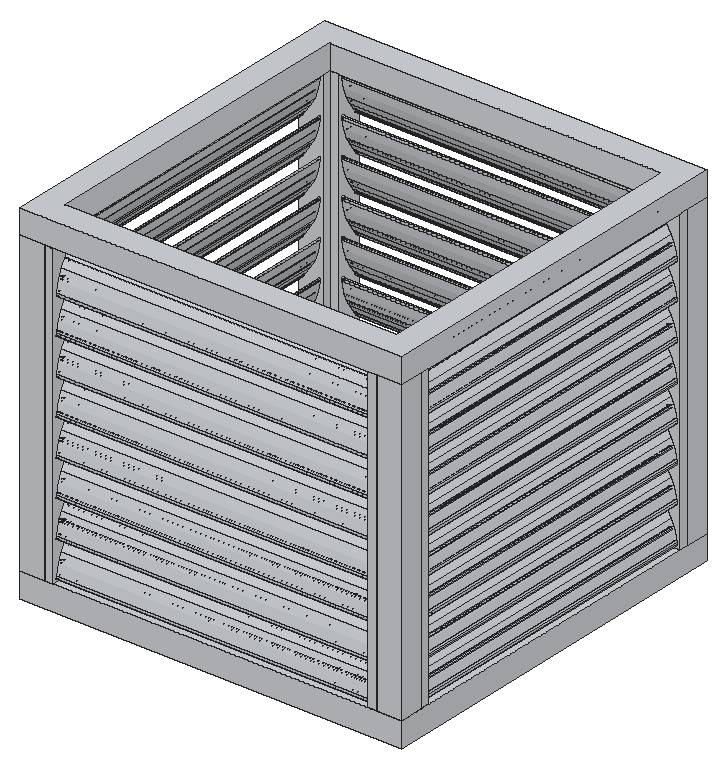
Revit family "90 MIDI END FIXED CHIMNEY COWL)", category Generic Models, Revit 2018
Family settings
  Can host rebar = No
  Round Connector Dimension = Use Diameter
  Part Type = Normal
  Work Plane-Based = No
  Always vertical = Yes
  Cut with Voids When Loaded = No
  Shared = No
  Room Calculation Point = No
Parameters
  WIDTH = 762 mm
  SPACING = 72.5 mm
  LENGTH = 762 mm
  HEIGHT = 700 mm
  ARRAY = if(rounddown((HEIGHT - 120 mm) / SPACING) < 2, 2, rounddown((HEIGHT - 120 mm) / SPACING))  # 8
  ANGLE = -66.71°
  90 MIDI LOUVRE BLADE = none
  50X50 SHS BOX FRAME = none
  50X16.5 C-CHANNEL = none
Reference planes
  plane 1 "Center (Front/Back)": y = 0
  plane 2: z = 0
  plane 3 "Center (Left/Right)": x = 0
  plane 4: z = 700
  plane 5: x = -381
  plane 6: x = 381
  plane 7: z = 650
  plane 8: y = 381
  plane 9: y = -381
  plane 10: x = -314.5
  plane 11: x = 314.5
  plane 12: y = -314.5
  plane 13: y = 314.5
  plane 14: y = -356
  plane 15: x = 356
  plane 16: x = -356
  plane 17: y = 356
  plane 18: z = 137.667
  plane 19: z = 127.336
Forms (mm)
  Extrusion 1, solid, material <- "50X16.5 C-CHANNEL"
    sketch origin (0, -320, 0) x (1, 0, 0) y (0, 1, 0)
      loop
        line (-331, -11) -> (-331, -14) -> (-317.5, -14) -> (-317.5, -58) -> (-331, -58) -> (-331, -61) -> (-314.5, -61) -> (-314.5, -11) -> (-331, -11)
    from 50 to 650
  Extrusion 2, solid, material <- "50X16.5 C-CHANNEL"
    sketch origin (0, -320, 0) x (-1, 0, 0) y (0, -1, 0)
      loop
        line (-331, 11) -> (-314.5, 11) -> (-314.5, 61) -> (-331, 61) -> (-331, 58) -> (-317.5, 58) -> (-317.5, 14) -> (-331, 14) -> (-331, 11)
    from 50 to 650
  Sweep 3, solid
    path origin (0, 0, 0) x (1, 0, 0) y (0, 1, 0)
      loop
        line (-381, 381) -> (-381, -381) -> (381, -381) -> (381, 381) -> (-381, 381)
    profile origin (0, 381, 0) x (0, 1, 0) y (0, 0, 1)
      loop
        line (0, 0) -> (0, 50) -> (-50, 50) -> (-50, 0) -> (0, 0)
      loop
        line (-47, 47) -> (-47, 3) -> (-3, 3) -> (-3, 47) -> (-47, 47)
  Sweep 4, solid, material <- "50X50 SHS BOX FRAME"
    path origin (-589.219, -1524, 650) x (-1, 0, 0) y (0, -1, 0)
      loop
        line (-208.219, -1905) -> (-208.219, -1143) -> (-970.219, -1143) -> (-970.219, -1905) -> (-208.219, -1905)
    profile origin (0, 381, 650) x (0, 1, 0) y (0, 0, 1)
      loop
        line (0, 0) -> (0, 50) -> (-50, 50) -> (-50, 0) -> (0, 0)
      loop
        line (-47, 47) -> (-47, 3) -> (-3, 3) -> (-3, 47) -> (-47, 47)
  Extrusion 5, solid, material <- "50X50 SHS BOX FRAME"
    sketch origin (0, 0, 0) x (1, 0, 0) y (0, 1, 0)
      loop
        line (-381, 381) -> (-381, 331) -> (-331, 331) -> (-331, 381) -> (-381, 381)
      loop
        line (-334, 334) -> (-334, 378) -> (-378, 378) -> (-378, 334) -> (-334, 334)
    from 50 to 650
  Extrusion 6, solid, material <- "50X50 SHS BOX FRAME"
    sketch origin (0, 0, 0) x (-1, 0, 0) y (0, -1, 0)
      loop
        line (-381, -381) -> (-331, -381) -> (-331, -331) -> (-381, -331) -> (-381, -381)
      loop
        line (-334, -334) -> (-378, -334) -> (-378, -378) -> (-334, -378) -> (-334, -334)
    from 50 to 650
  Extrusion 7, solid, material <- "50X50 SHS BOX FRAME"
    sketch origin (0, 0, 0) x (-1, 0, 0) y (0, -1, 0)
      loop
        line (-381, 381) -> (-381, 331) -> (-331, 331) -> (-331, 381) -> (-381, 381)
      loop
        line (-334, 334) -> (-334, 378) -> (-378, 378) -> (-378, 334) -> (-334, 334)
    from 50 to 650
  Extrusion 8, solid, material <- "50X50 SHS BOX FRAME"
    sketch origin (0, 0, 0) x (1, 0, 0) y (0, 1, 0)
      loop
        line (-381, -381) -> (-331, -381) -> (-331, -331) -> (-381, -331) -> (-381, -381)
      loop
        line (-334, -334) -> (-378, -334) -> (-378, -378) -> (-334, -378) -> (-334, -334)
    from 50 to 650
  Extrusion 9, solid, material <- "50X16.5 C-CHANNEL"
    sketch origin (0, 320, 0) x (1, 0, 0) y (0, 1, 0)
      loop
        line (-331, 11) -> (-314.5, 11) -> (-314.5, 61) -> (-331, 61) -> (-331, 58) -> (-317.5, 58) -> (-317.5, 14) -> (-331, 14) -> (-331, 11)
    from 50 to 650
  Extrusion 10, solid, material <- "50X16.5 C-CHANNEL"
    sketch origin (0, 320, 0) x (-1, 0, 0) y (0, -1, 0)
      loop
        line (-331, -11) -> (-331, -14) -> (-317.5, -14) -> (-317.5, -58) -> (-331, -58) -> (-331, -61) -> (-314.5, -61) -> (-314.5, -11) -> (-331, -11)
    from 50 to 650
  Extrusion 11, solid, material <- "50X16.5 C-CHANNEL"
    sketch origin (-356, 36, 0) x (0, 1, 0) y (-1, 0, 0)
      loop
        line (-367, -25) -> (-350.5, -25) -> (-350.5, 25) -> (-367, 25) -> (-367, 22) -> (-353.5, 22) -> (-353.5, -22) -> (-367, -22) -> (-367, -25)
    from 50 to 650
  Extrusion 12, solid, material <- "50X16.5 C-CHANNEL"
    sketch origin (-356, -36, 0) x (0, -1, 0) y (1, 0, 0)
      loop
        line (-367, 25) -> (-367, 22) -> (-353.5, 22) -> (-353.5, -22) -> (-367, -22) -> (-367, -25) -> (-350.5, -25) -> (-350.5, 25) -> (-367, 25)
    from 50 to 650
  Extrusion 13, solid, material <- "50X16.5 C-CHANNEL"
    sketch origin (356, 36, 0) x (0, 1, 0) y (-1, 0, 0)
      loop
        line (-367, 25) -> (-367, 22) -> (-353.5, 22) -> (-353.5, -22) -> (-367, -22) -> (-367, -25) -> (-350.5, -25) -> (-350.5, 25) -> (-367, 25)
    from 50 to 650
  Extrusion 14, solid, material <- "50X16.5 C-CHANNEL"
    sketch origin (356, -36, 0) x (0, -1, 0) y (1, 0, 0)
      loop
        line (-367, -25) -> (-350.5, -25) -> (-350.5, 25) -> (-367, 25) -> (-367, 22) -> (-353.5, 22) -> (-353.5, -22) -> (-367, -22) -> (-367, -25)
    from 50 to 650
Text (mm)
  text "10MM OVERLAP" at (-713.361, 0, 76.509), in view "Front"
Dimensions and locks
  "HEIGHT": plane 4 to plane 2
  equal spacing: plane 6, plane 3 "Center (Left/Right)", plane 5
  locked: plane 4 to plane 7 at 50
  equal spacing: plane 9, plane 1 "Center (Front/Back)", plane 8
  "LENGTH": plane 9 to plane 8
  equal spacing: plane 5, plane 3 "Center (Left/Right)", plane 6
  "WIDTH": plane 5 to plane 6
  locked: plane 5 to plane 10 at 66.5
  locked: plane 6 to plane 11 at 66.5
  locked: plane 13 to plane 8 at 66.5
  locked: plane 9 to plane 12 at 66.5
  locked: plane 8 to plane 17 at 25
  locked: plane 9 to plane 14 at 25
  locked: plane 5 to plane 16 at 25
  locked: plane 15 to plane 6 at 25
  plane 18 to plane 19 = 10.332 mm
  plane 6 to plane 5 = 762 mm
  aligned and locked: level to plane 2
  aligned and locked: plane 7 to Extrusion 1
  aligned and locked: Sweep 3 sketch curve to plane 9
  aligned and locked: Sweep 3 sketch curve to plane 8
  aligned and locked: Extrusion 1 to Extrusion 5
  aligned and locked: plane 7 to Extrusion 8
  aligned and locked: plane 7 to Extrusion 11
  aligned and locked: plane 7 to Extrusion 9
  aligned and locked: plane 7 to Extrusion 12
  aligned and locked: plane 7 to Extrusion 10
  aligned and locked: plane 7 to Extrusion 7
  aligned and locked: plane 7 to Extrusion 13
  aligned and locked: plane 7 to Extrusion 14
  aligned and locked: plane 7 to Extrusion 6
  aligned and locked: plane 7 to Extrusion 2
  aligned and locked: plane 14 to nested 4
  aligned and locked: nested 2 to plane 15
  aligned and locked: nested 1 to plane 16
  aligned and locked: nested 3 to plane 17
  aligned and locked: plane 12 to nested 1
  aligned and locked: nested 2 to plane 12
  aligned and locked: plane 10 to nested 3
  aligned and locked: plane 11 to nested 3
  aligned and locked: nested 4 to plane 11
  aligned and locked: nested 4 to plane 10
  aligned and locked: nested 2 to plane 13
  aligned and locked: plane 13 to nested 1
  aligned and locked: nested 1 to plane 8
  aligned and locked: nested 1 to plane 9
  aligned and locked: plane 9 to nested 2
  aligned and locked: plane 8 to nested 2
  aligned and locked: plane 5 to nested 3
  aligned and locked: nested 4 to plane 5
  aligned and locked: plane 6 to nested 3
  aligned and locked: nested 4 to plane 6
  aligned and locked: nested 1 to plane 1 "Center (Front/Back)"
  aligned and locked: plane 1 "Center (Front/Back)" to nested 2
  aligned and locked: plane 3 "Center (Left/Right)" to nested 3
  aligned and locked: nested 4 to plane 3 "Center (Left/Right)"
Automatic sketch dimensions
  plane 9 to Extrusion 1 sketch curve = 0 mm
  Extrusion 1 sketch curve to plane 10 = 0 mm
  Extrusion 1 sketch curve to plane 10 = 3 mm
  Extrusion 1 sketch curve to plane 9 = 3 mm
  Extrusion 1 sketch curve to Extrusion 1 sketch curve = 13.5 mm  (x2)
  Extrusion 1 sketch curve to plane 12 = 19.5 mm
  Extrusion 1 sketch curve to Extrusion 1 sketch curve = 3 mm
  plane 9 to Extrusion 2 sketch curve = 0 mm
  Extrusion 2 sketch curve to plane 11 = 0 mm
  plane 11 to Extrusion 2 sketch curve = 3 mm
  plane 9 to Extrusion 2 sketch curve = 3 mm
  Extrusion 2 sketch curve to Extrusion 2 sketch curve = 13.5 mm  (x2)
  plane 12 to Extrusion 2 sketch curve = 19.5 mm
  Extrusion 2 sketch curve to Extrusion 2 sketch curve = 3 mm
  Sweep 3 sketch curve to plane 5 = 0 mm
  Sweep 3 sketch curve to plane 6 = 0 mm
  Sweep 3 sketch curve to level = 0 mm
  Sweep 3 sketch curve to profile plane = 0 mm
  profile plane to Sweep 3 sketch curve = 3 mm
  Sweep 3 sketch curve to Sweep 3 sketch curve = 44 mm  (x2)
  Sweep 3 sketch curve to Sweep 3 sketch curve = 3 mm  (x2)
  level to Sweep 3 sketch curve = 3 mm
  Sweep 4 sketch curve to plane 6 = 0 mm
  Sweep 4 sketch curve to plane 5 = 0 mm
  Sweep 4 sketch curve to plane 8 = 0 mm
  plane 9 to Sweep 4 sketch curve = 0 mm
  Sweep 4 sketch curve to plane 7 = 0 mm
  Sweep 4 sketch curve to profile plane = 0 mm
  profile plane to Sweep 4 sketch curve = 3 mm
  Sweep 4 sketch curve to Sweep 4 sketch curve = 44 mm  (x2)
  Sweep 4 sketch curve to Sweep 4 sketch curve = 3 mm  (x2)
  plane 7 to Sweep 4 sketch curve = 3 mm
  Extrusion 5 sketch curve to plane 5 = 0 mm
  Extrusion 5 sketch curve to plane 8 = 0 mm
  plane 5 to Extrusion 5 sketch curve = 3 mm
  Extrusion 5 sketch curve to plane 10 = 19.5 mm
  Extrusion 5 sketch curve to Extrusion 5 sketch curve = 3 mm  (x2)
  Extrusion 5 sketch curve to plane 8 = 3 mm
  Extrusion 5 sketch curve to plane 13 = 19.5 mm
  Extrusion 6 sketch curve to plane 6 = 0 mm
  Extrusion 6 sketch curve to plane 8 = 0 mm
  Extrusion 6 sketch curve to plane 6 = 3 mm
  plane 11 to Extrusion 6 sketch curve = 19.5 mm
  Extrusion 6 sketch curve to Extrusion 6 sketch curve = 3 mm  (x2)
  plane 8 to Extrusion 6 sketch curve = 3 mm
  plane 13 to Extrusion 6 sketch curve = 19.5 mm
  Extrusion 7 sketch curve to plane 6 = 0 mm
  plane 9 to Extrusion 7 sketch curve = 0 mm
  plane 6 to Extrusion 7 sketch curve = 3 mm
  Extrusion 7 sketch curve to plane 11 = 19.5 mm
  Extrusion 7 sketch curve to Extrusion 7 sketch curve = 3 mm  (x2)
  Extrusion 7 sketch curve to plane 9 = 3 mm
  Extrusion 7 sketch curve to plane 12 = 19.5 mm
  Extrusion 8 sketch curve to plane 5 = 0 mm
  plane 9 to Extrusion 8 sketch curve = 0 mm
  Extrusion 8 sketch curve to plane 5 = 3 mm
  plane 10 to Extrusion 8 sketch curve = 19.5 mm
  Extrusion 8 sketch curve to Extrusion 8 sketch curve = 3 mm  (x2)
  plane 9 to Extrusion 8 sketch curve = 3 mm
  plane 12 to Extrusion 8 sketch curve = 19.5 mm
  Extrusion 9 sketch curve to plane 8 = 0 mm
  Extrusion 9 sketch curve to plane 10 = 0 mm
  plane 10 to Extrusion 9 sketch curve = 3 mm
  plane 8 to Extrusion 9 sketch curve = 3 mm
  Extrusion 9 sketch curve to Extrusion 9 sketch curve = 13.5 mm  (x2)
  plane 13 to Extrusion 9 sketch curve = 19.5 mm
  Extrusion 9 sketch curve to Extrusion 9 sketch curve = 3 mm
  Extrusion 10 sketch curve to plane 8 = 0 mm
  Extrusion 10 sketch curve to plane 11 = 0 mm
  Extrusion 10 sketch curve to plane 11 = 3 mm
  Extrusion 10 sketch curve to plane 8 = 3 mm
  Extrusion 10 sketch curve to Extrusion 10 sketch curve = 13.5 mm  (x2)
  Extrusion 10 sketch curve to plane 13 = 19.5 mm
  Extrusion 10 sketch curve to Extrusion 10 sketch curve = 3 mm
  Extrusion 11 sketch curve to plane 5 = 0 mm
  Extrusion 11 sketch curve to plane 12 = 0 mm
  plane 12 to Extrusion 11 sketch curve = 3 mm
  Extrusion 11 sketch curve to plane 5 = 3 mm
  Extrusion 11 sketch curve to Extrusion 11 sketch curve = 13.5 mm  (x2)
  plane 10 to Extrusion 11 sketch curve = 19.5 mm
  Extrusion 11 sketch curve to Extrusion 11 sketch curve = 3 mm
  Extrusion 12 sketch curve to plane 5 = 0 mm
  plane 13 to Extrusion 12 sketch curve = 0 mm
  Extrusion 12 sketch curve to plane 13 = 3 mm
  plane 5 to Extrusion 12 sketch curve = 3 mm
  Extrusion 12 sketch curve to Extrusion 12 sketch curve = 13.5 mm  (x2)
  Extrusion 12 sketch curve to plane 10 = 19.5 mm
  Extrusion 12 sketch curve to Extrusion 12 sketch curve = 3 mm
  Extrusion 13 sketch curve to plane 6 = 0 mm
  Extrusion 13 sketch curve to plane 12 = 0 mm
  Extrusion 13 sketch curve to plane 12 = 3 mm
  plane 6 to Extrusion 13 sketch curve = 3 mm
  Extrusion 13 sketch curve to Extrusion 13 sketch curve = 13.5 mm  (x2)
  Extrusion 13 sketch curve to plane 11 = 19.5 mm
  Extrusion 13 sketch curve to Extrusion 13 sketch curve = 3 mm
  Extrusion 14 sketch curve to plane 6 = 0 mm
  plane 13 to Extrusion 14 sketch curve = 0 mm
  plane 13 to Extrusion 14 sketch curve = 3 mm
  Extrusion 14 sketch curve to plane 6 = 3 mm
  Extrusion 14 sketch curve to Extrusion 14 sketch curve = 13.5 mm  (x2)
  plane 11 to Extrusion 14 sketch curve = 19.5 mm
  Extrusion 14 sketch curve to Extrusion 14 sketch curve = 3 mm
Nested families
  nested 1: "90 MIDI LOUVRE BLADE LENGTH" at (-356, 0, -0.002) x (0, 1, 0) z (0, 0, 1), type "90 MIDI LOUVRE BLADE LENGTH"
  nested 2: "90 MIDI LOUVRE BLADE LENGTH" at (356, 0, -0.002) x (0, 1, 0) z (0, 0, 1), type "90 MIDI LOUVRE BLADE LENGTH"
  nested 3: "90 MIDI LOUVRE BLADE WIDTH" at (0, 356, -0.002), type "90 MIDI LOUVRE BLADE WIDTH"
  nested 4: "90 MIDI LOUVRE BLADE WIDTH" at (0, -356, -0.002), type "90 MIDI LOUVRE BLADE WIDTH"
Definition of nested family "90 MIDI LOUVRE BLADE LENGTH"
  Parameters (values of type "90 MIDI LOUVRE BLADE LENGTH")
    SPACING = 72.5 mm
    LENGTH = 762 mm
    HEIGHT = 700 mm
    ARRAY = if(rounddown((HEIGHT - 120 mm) / SPACING) < 2, 2, rounddown((HEIGHT - 120 mm) / SPACING))  # 8
    ANGLE = -66.71°
    90 MIDI LOUVRE BLADE = none
  Reference planes
    plane 1 "Center (Front/Back)": y = 0
    plane 2: z = 0
    plane 3 "Center (Left/Right)": x = 0
    plane 4: x = -314.5
    plane 5: x = -381
    plane 6: x = 314.5
    plane 7: x = 381
    plane 8: z = 700
    plane 9: z = 96.254
    plane 10: z = 168.754
    plane 11: z = 241.254
    plane 12: z = 313.754
    plane 13: z = 386.254
    plane 14: z = 458.754
    plane 15: z = 531.254
    plane 16: z = 603.754
  Dimensions and locks
    locked: plane 5 to plane 4 at 66.5
    locked: plane 6 to plane 7 at 66.5
    equal spacing: plane 5, plane 3 "Center (Left/Right)", plane 7
    "LENGTH": plane 5 to plane 7
    "HEIGHT": plane 8 to plane 2
    equal spacing: group 1, group 2, group 3, group 4, group 5, group 6, group 7, group 8  (x3)
    "SPACING": plane 9 to plane 10
    aligned and locked: level to plane 2
  Nested families
    nested 1: "90 MIDI LOUVRE BLADE LENGTH AND ANGLE" at (0, 0, 96.254), type "90 MIDI LOUVRE BLADE LENGTH AND ANGLE"
    nested 2: "90 MIDI LOUVRE BLADE LENGTH AND ANGLE" at (0, 0, 168.754), type "90 MIDI LOUVRE BLADE LENGTH AND ANGLE"
    nested 3: "90 MIDI LOUVRE BLADE LENGTH AND ANGLE" at (0, 0, 241.254), type "90 MIDI LOUVRE BLADE LENGTH AND ANGLE"
    nested 4: "90 MIDI LOUVRE BLADE LENGTH AND ANGLE" at (0, 0, 313.754), type "90 MIDI LOUVRE BLADE LENGTH AND ANGLE"
    nested 5: "90 MIDI LOUVRE BLADE LENGTH AND ANGLE" at (0, 0, 386.254), type "90 MIDI LOUVRE BLADE LENGTH AND ANGLE"
    nested 6: "90 MIDI LOUVRE BLADE LENGTH AND ANGLE" at (0, 0, 458.754), type "90 MIDI LOUVRE BLADE LENGTH AND ANGLE"
    nested 7: "90 MIDI LOUVRE BLADE LENGTH AND ANGLE" at (0, 0, 531.254), type "90 MIDI LOUVRE BLADE LENGTH AND ANGLE"
    nested 8: "90 MIDI LOUVRE BLADE LENGTH AND ANGLE" at (0, 0, 603.754), type "90 MIDI LOUVRE BLADE LENGTH AND ANGLE"
  Definition of nested family "90 MIDI LOUVRE BLADE LENGTH AND ANGLE"
    Parameters (values of type "90 MIDI LOUVRE BLADE LENGTH AND ANGLE")
      LENGTH = 762 mm
      ANGLE = -66.71°
      90 MIDI LOUVRE BLADE = none
    Reference planes
      plane 1 "Center (Front/Back)": y = 0
      plane 2: z = 0
      plane 3 "Center (Left/Right)": x = 0
      plane 4: x = -314.5
      plane 5: x = 314.5
      plane 6: x = -381
      plane 7: x = 381
    Forms (mm)
      Extrusion 1, solid, material <- "90 MIDI LOUVRE BLADE"
        sketch origin (0, -0.006, -0.002) x (0, 0.389613, -0.920979) y (0, 0.920979, 0.389613)
          loop
            arc (-38.272, 0.88) -> (-41.251, 0.483) -> (-44.257, 0.457) r 24.32
            arc (-44.257, 0.457) -> (-44.987, -0.039) -> (-44.705, -0.875) r 0.73
            arc (-44.705, -0.875) -> (-42.459, -2.146) -> (-40.036, -3.034) r 15.81
            arc (-40.036, -3.034) -> (-20.074, -6.913) -> (0.247, -7.661) r 131.2
            arc (0.247, -7.661) -> (9.442, -6.846) -> (18.517, -5.161) r 97
            arc (18.517, -5.161) -> (27.54, -3.12) -> (36.597, -1.234) r 535.81
            arc (36.597, -1.234) -> (36.984, -0.669) -> (36.43, -0.268) r 0.49
            line (36.43, -0.268) -> (35.638, -0.385) -> (35.449, 0.901) -> (40.93, 1.709) -> (41.119, 0.423) -> (40.317, 0.304)
            arc (40.317, 0.304) -> (39.946, -0.186) -> (40.429, -0.566) r 0.439
            arc (40.429, -0.566) -> (42.344, -0.429) -> (44.263, -0.445) r 24.32
            arc (44.263, -0.445) -> (44.991, 0.055) -> (44.706, 0.89) r 0.73
            arc (44.706, 0.89) -> (42.477, 2.144) -> (40.074, 3.023) r 15.81
            arc (40.074, 3.023) -> (20.059, 6.91) -> (-0.316, 7.649) r 131.2
            arc (-0.316, 7.649) -> (-9.501, 6.828) -> (-18.566, 5.14) r 97
            arc (-18.566, 5.14) -> (-28.399, 2.917) -> (-38.272, 0.88) r 535.81
          loop
            arc (-18.29, 3.972) -> (-28.145, 1.744) -> (-38.041, -0.298) r 537.01
            arc (-38.041, -0.298) -> (-38.542, -0.391) -> (-39.045, -0.474) r 25.52
            arc (-39.045, -0.474) -> (-39.721, -1.221) -> (-39.132, -2.037) r 0.8
            arc (-39.132, -2.037) -> (-26.299, -4.83) -> (-13.25, -6.314) r 130
            arc (-13.25, -6.314) -> (-12.869, -6.173) -> (-12.719, -5.795) r 0.5
            line (-12.719, -5.795) -> (-12.844, -2.78)
            arc (-12.844, -2.78) -> (-13.095, -2.367) -> (-13.578, -2.358) r 0.5
            arc (-13.578, -2.358) -> (-16.85, -2.126) -> (-18.081, 0.914) r 3.1
            arc (-18.081, 0.914) -> (-17.387, 1.402) -> (-16.899, 0.708) r 0.6
            arc (-16.899, 0.708) -> (-14.01, -1.223) -> (-14.524, 2.214) r 1.9
            arc (-14.524, 2.214) -> (-14.944, 2.951) -> (-14.207, 3.371) r 0.6
            spline (-14.207, 3.371) -> (-13.982, 3.29) -> (-13.783, 3.24) -> (-13.608, 3.221) -> (-13.458, 3.233) -> (-13.332, 3.277) -> (-13.232, 3.352) -> (-13.156, 3.458) -> (-13.104, 3.596) -> (-13.077, 3.765) -> (-13.075, 3.965) -> (-13.098, 4.197) -> (-13.145, 4.46)
            arc (-13.145, 4.46) -> (-13.333, 4.83) -> (-13.736, 4.93) r 0.5
            arc (-13.736, 4.93) -> (-16.019, 4.479) -> (-18.29, 3.972) r 95.8
          loop
            arc (-0.254, 6.15) -> (-5.862, 5.751) -> (-11.437, 5.023) r 95.5
            arc (-11.437, 5.023) -> (-11.807, 4.811) -> (-11.942, 4.406) r 0.6
            line (-11.942, 4.406) -> (-11.528, -5.563)
            arc (-11.528, -5.563) -> (-11.353, -5.962) -> (-10.955, -6.138) r 0.6
            arc (-10.955, -6.138) -> (-5.385, -6.27) -> (0.186, -6.162) r 129.7
            arc (0.186, -6.162) -> (5.83, -5.764) -> (11.441, -5.033) r 95.5
            arc (11.441, -5.033) -> (11.81, -4.82) -> (11.945, -4.415) r 0.6
            line (11.945, -4.415) -> (11.531, 5.556)
            arc (11.531, 5.556) -> (11.356, 5.955) -> (10.958, 6.131) r 0.6
            arc (10.958, 6.131) -> (5.352, 6.262) -> (-0.254, 6.15) r 129.7
          loop
            arc (13.58, 2.369) -> (16.852, 2.137) -> (18.084, -0.903) r 3.1
            arc (18.084, -0.903) -> (17.39, -1.392) -> (16.902, -0.697) r 0.6
            arc (16.902, -0.697) -> (14.012, 1.234) -> (14.527, -2.203) r 1.9
            arc (14.527, -2.203) -> (14.947, -2.941) -> (14.209, -3.36) r 0.6
            spline (14.209, -3.36) -> (13.993, -3.273) -> (13.8, -3.218) -> (13.63, -3.196) -> (13.483, -3.207) -> (13.36, -3.25) -> (13.26, -3.326) -> (13.183, -3.435) -> (13.13, -3.576) -> (13.099, -3.75) -> (13.092, -3.957) -> (13.109, -4.197) -> (13.148, -4.469)
            arc (13.148, -4.469) -> (13.336, -4.839) -> (13.739, -4.94) r 0.5
            arc (13.739, -4.94) -> (15.996, -4.494) -> (18.242, -3.993) r 95.8
            arc (18.242, -3.993) -> (26.096, -2.207) -> (33.975, -0.538) r 537.01
            arc (33.975, -0.538) -> (34.308, -0.32) -> (34.4, 0.067) r 0.537
            line (34.4, 0.067) -> (33.989, 2.856)
            arc (33.989, 2.856) -> (33.808, 3.233) -> (33.445, 3.441) r 0.705
            arc (33.445, 3.441) -> (23.405, 5.271) -> (13.253, 6.308) r 130
            arc (13.253, 6.308) -> (12.872, 6.166) -> (12.722, 5.788) r 0.5
            line (12.722, 5.788) -> (12.847, 2.79)
            arc (12.847, 2.79) -> (13.097, 2.377) -> (13.58, 2.369) r 0.5
        from -314.5 to 314.5
    Lines and regions (mm)
      reference lines
        curve 1: line (0, 0, 0) -> (0, 9.374, -21.777)
    Dimensions and locks
      locked: plane 6 to plane 4 at 66.5
      locked: plane 5 to plane 7 at 66.5
      equal spacing: plane 6, plane 3 "Center (Left/Right)", plane 7
      "LENGTH": plane 6 to plane 7
      "ANGLE": angle curve 1 to plane 2
      aligned and locked: level to plane 2
      aligned and locked: plane 4 to Extrusion 1
      aligned and locked: Extrusion 1 to plane 5
      aligned and locked: plane 1 "Center (Front/Back)" to curve 1
      aligned and locked: plane 2 to curve 1
    Automatic sketch dimensions
      Extrusion 1 sketch curve to Extrusion 1 sketch curve = 0 mm  (x61)
      Extrusion 1 sketch curve to curve 1 = 0 mm
      curve 1 to Extrusion 1 sketch curve = 0 mm
      Extrusion 1 sketch curve to curve 1 = 141.616 mm
      Extrusion 1 sketch curve to curve 1 = 44.296 mm
      Extrusion 1 sketch curve to Extrusion 1 sketch curve = 1.333 mm
      Extrusion 1 sketch curve to Extrusion 1 sketch curve = 5.373 mm
      Extrusion 1 sketch curve to Extrusion 1 sketch curve = 3.096 mm
      Extrusion 1 sketch curve to curve 1 = 17.491 mm
      Extrusion 1 sketch curve to Extrusion 1 sketch curve = 2.463 mm  (x2)
      Extrusion 1 sketch curve to Extrusion 1 sketch curve = 0.662 mm  (x2)
      Extrusion 1 sketch curve to Extrusion 1 sketch curve = 0.159 mm  (x2)
      Extrusion 1 sketch curve to Extrusion 1 sketch curve = 0.562 mm
      Extrusion 1 sketch curve to Extrusion 1 sketch curve = 1.684 mm
      Extrusion 1 sketch curve to Extrusion 1 sketch curve = 0.125 mm  (x2)
      Extrusion 1 sketch curve to Extrusion 1 sketch curve = 0.5 mm  (x6)
      Extrusion 1 sketch curve to Extrusion 1 sketch curve = 1.203 mm  (x2)
      Extrusion 1 sketch curve to Extrusion 1 sketch curve = 1.191 mm  (x2)
      Extrusion 1 sketch curve to Extrusion 1 sketch curve = 0.599 mm  (x4)
      Extrusion 1 sketch curve to curve 1 = 5.102 mm
      Extrusion 1 sketch curve to curve 1 = 3.708 mm
      curve 1 to Extrusion 1 sketch curve = 3.71 mm
      curve 1 to Extrusion 1 sketch curve = 5.129 mm
      curve 1 to Extrusion 1 sketch curve = 10.93 mm
      Extrusion 1 sketch curve to Extrusion 1 sketch curve = 0.414 mm
      Extrusion 1 sketch curve to Extrusion 1 sketch curve = 0.561 mm
      curve 1 to Extrusion 1 sketch curve = 9.582 mm
      Extrusion 1 sketch curve to Extrusion 1 sketch curve = 0.576 mm
      Extrusion 1 sketch curve to Extrusion 1 sketch curve = 0.697 mm
      Extrusion 1 sketch curve to Extrusion 1 sketch curve = 0.532 mm
      Extrusion 1 sketch curve to Extrusion 1 sketch curve = 1.049 mm
      Extrusion 1 sketch curve to Extrusion 1 sketch curve = 0.189 mm
      Extrusion 1 sketch curve to Extrusion 1 sketch curve = 0.225 mm
      Extrusion 1 sketch curve to Extrusion 1 sketch curve = 0.791 mm
      Extrusion 1 sketch curve to Extrusion 1 sketch curve = 0.071 mm
      Extrusion 1 sketch curve to Extrusion 1 sketch curve = 3.887 mm
      Extrusion 1 sketch curve to Extrusion 1 sketch curve = 0.064 mm
      Extrusion 1 sketch curve to Extrusion 1 sketch curve = 0.613 mm
      Extrusion 1 sketch curve to Extrusion 1 sketch curve = 0.803 mm
      Extrusion 1 sketch curve to Extrusion 1 sketch curve = 7.248 mm
      Extrusion 1 sketch curve to Extrusion 1 sketch curve = 3.178 mm
      curve 1 to Extrusion 1 sketch curve = 117.57 mm
      Extrusion 1 sketch curve to curve 1 = 0.526 mm
      Extrusion 1 sketch curve to Extrusion 1 sketch curve = 0.669 mm
      Extrusion 1 sketch curve to Extrusion 1 sketch curve = 0.368 mm
      Extrusion 1 sketch curve to Extrusion 1 sketch curve = 0.429 mm  (x2)
      Extrusion 1 sketch curve to Extrusion 1 sketch curve = 0.993 mm
      Extrusion 1 sketch curve to curve 1 = 2.786 mm
      Extrusion 1 sketch curve to Extrusion 1 sketch curve = 2.411 mm  (x2)
      Extrusion 1 sketch curve to Extrusion 1 sketch curve = 0.021 mm  (x6)
      Extrusion 1 sketch curve to Extrusion 1 sketch curve = 0.579 mm  (x2)
      Extrusion 1 sketch curve to Extrusion 1 sketch curve = 1.055 mm
      Extrusion 1 sketch curve to Extrusion 1 sketch curve = 0.025 mm  (x4)
      Extrusion 1 sketch curve to Extrusion 1 sketch curve = 1.088 mm
      Extrusion 1 sketch curve to Extrusion 1 sketch curve = 2.759 mm
      Extrusion 1 sketch curve to Extrusion 1 sketch curve = 0.231 mm
      Extrusion 1 sketch curve to Extrusion 1 sketch curve = 11.463 mm
      Extrusion 1 sketch curve to Extrusion 1 sketch curve = 12.521 mm
      Extrusion 1 sketch curve to curve 1 = 89.274 mm
      Extrusion 1 sketch curve to curve 1 = 123.445 mm
      Extrusion 1 sketch curve to curve 1 = 526.874 mm
      Extrusion 1 sketch curve to Extrusion 1 sketch curve = 0.485 mm
      Extrusion 1 sketch curve to Extrusion 1 sketch curve = 0.434 mm
      Extrusion 1 sketch curve to Extrusion 1 sketch curve = 0.373 mm
      Extrusion 1 sketch curve to Extrusion 1 sketch curve = 0.078 mm
      Extrusion 1 sketch curve to Extrusion 1 sketch curve = 3.182 mm
      Extrusion 1 sketch curve to Extrusion 1 sketch curve = 2.765 mm
      Extrusion 1 sketch curve to Extrusion 1 sketch curve = 3.161 mm
      Extrusion 1 sketch curve to Extrusion 1 sketch curve = 0.103 mm
      Extrusion 1 sketch curve to Extrusion 1 sketch curve = 1.035 mm
      Extrusion 1 sketch curve to Extrusion 1 sketch curve = 1.068 mm
      Extrusion 1 sketch curve to Extrusion 1 sketch curve = 2.741 mm
      Extrusion 1 sketch curve to Extrusion 1 sketch curve = 0.232 mm
      Extrusion 1 sketch curve to Extrusion 1 sketch curve = 13.471 mm
      Extrusion 1 sketch curve to Extrusion 1 sketch curve = 12.537 mm
      curve 1 to Extrusion 1 sketch curve = 89.252 mm
      curve 1 to Extrusion 1 sketch curve = 123.423 mm
      curve 1 to Extrusion 1 sketch curve = 526.623 mm
      Extrusion 1 sketch curve to Extrusion 1 sketch curve = 0.41 mm
      Extrusion 1 sketch curve to Extrusion 1 sketch curve = 0.209 mm
      Extrusion 1 sketch curve to Extrusion 1 sketch curve = 0.591 mm
Definition of nested family "90 MIDI LOUVRE BLADE WIDTH"
  Parameters (values of type "90 MIDI LOUVRE BLADE WIDTH")
    SPACING = 72.5 mm
    WIDTH = 762 mm
    HEIGHT = 700 mm
    ARRAY = if(rounddown((HEIGHT - 120 mm) / SPACING) < 2, 2, rounddown((HEIGHT - 120 mm) / SPACING))  # 8
    ANGLE = -66.71°
    90 MIDI LOUVRE BLADE = none
  Reference planes
    plane 1 "Center (Front/Back)": y = 0
    plane 2: z = 0
    plane 3 "Center (Left/Right)": x = 0
    plane 4: x = -314.5
    plane 5: x = -381
    plane 6: x = 314.5
    plane 7: x = 381
    plane 8: z = 700
    plane 9: z = 96.254
    plane 10: z = 168.754
    plane 11: z = 241.254
    plane 12: z = 313.754
    plane 13: z = 386.254
    plane 14: z = 458.754
    plane 15: z = 531.254
    plane 16: z = 603.754
  Dimensions and locks
    locked: plane 5 to plane 4 at 66.5
    locked: plane 6 to plane 7 at 66.5
    equal spacing: plane 5, plane 3 "Center (Left/Right)", plane 7
    "WIDTH": plane 5 to plane 7
    "HEIGHT": plane 8 to plane 2
    equal spacing: group 1, group 2, group 3, group 4, group 5, group 6, group 7, group 8  (x3)
    "SPACING": plane 9 to plane 10
    aligned and locked: level to plane 2
  Nested families
    nested 1: "90 MIDI LOUVRE BLADE WIDTH AND ANGLE" at (0, 0, 96.254), type "90 MIDI LOUVRE BLADE WIDTH AND ANGLE"
    nested 2: "90 MIDI LOUVRE BLADE WIDTH AND ANGLE" at (0, 0, 168.754), type "90 MIDI LOUVRE BLADE WIDTH AND ANGLE"
    nested 3: "90 MIDI LOUVRE BLADE WIDTH AND ANGLE" at (0, 0, 241.254), type "90 MIDI LOUVRE BLADE WIDTH AND ANGLE"
    nested 4: "90 MIDI LOUVRE BLADE WIDTH AND ANGLE" at (0, 0, 313.754), type "90 MIDI LOUVRE BLADE WIDTH AND ANGLE"
    nested 5: "90 MIDI LOUVRE BLADE WIDTH AND ANGLE" at (0, 0, 386.254), type "90 MIDI LOUVRE BLADE WIDTH AND ANGLE"
    nested 6: "90 MIDI LOUVRE BLADE WIDTH AND ANGLE" at (0, 0, 458.754), type "90 MIDI LOUVRE BLADE WIDTH AND ANGLE"
    nested 7: "90 MIDI LOUVRE BLADE WIDTH AND ANGLE" at (0, 0, 531.254), type "90 MIDI LOUVRE BLADE WIDTH AND ANGLE"
    nested 8: "90 MIDI LOUVRE BLADE WIDTH AND ANGLE" at (0, 0, 603.754), type "90 MIDI LOUVRE BLADE WIDTH AND ANGLE"
  Definition of nested family "90 MIDI LOUVRE BLADE WIDTH AND ANGLE"
    Parameters (values of type "90 MIDI LOUVRE BLADE WIDTH AND ANGLE")
      WIDTH = 762 mm
      ANGLE = -66.71°
      90 MIDI LOUVRE BLADE = none
    Reference planes
      plane 1 "Center (Front/Back)": y = 0
      plane 2: z = 0
      plane 3 "Center (Left/Right)": x = 0
      plane 4: x = -314.5
      plane 5: x = 314.5
      plane 6: x = -381
      plane 7: x = 381
    Forms (mm)
      Extrusion 1, solid, material <- "90 MIDI LOUVRE BLADE"
        sketch origin (0, -0.006, -0.002) x (0, 0.389613, -0.920979) y (0, 0.920979, 0.389613)
          loop
            arc (-38.272, 0.88) -> (-41.251, 0.483) -> (-44.257, 0.457) r 24.32
            arc (-44.257, 0.457) -> (-44.987, -0.039) -> (-44.705, -0.875) r 0.73
            arc (-44.705, -0.875) -> (-42.459, -2.146) -> (-40.036, -3.034) r 15.81
            arc (-40.036, -3.034) -> (-20.074, -6.913) -> (0.247, -7.661) r 131.2
            arc (0.247, -7.661) -> (9.442, -6.846) -> (18.517, -5.161) r 97
            arc (18.517, -5.161) -> (27.54, -3.12) -> (36.597, -1.234) r 535.81
            arc (36.597, -1.234) -> (36.984, -0.669) -> (36.43, -0.268) r 0.49
            line (36.43, -0.268) -> (35.638, -0.385) -> (35.449, 0.901) -> (40.93, 1.709) -> (41.119, 0.423) -> (40.317, 0.304)
            arc (40.317, 0.304) -> (39.946, -0.186) -> (40.429, -0.566) r 0.439
            arc (40.429, -0.566) -> (42.344, -0.429) -> (44.263, -0.445) r 24.32
            arc (44.263, -0.445) -> (44.991, 0.055) -> (44.706, 0.89) r 0.73
            arc (44.706, 0.89) -> (42.477, 2.144) -> (40.074, 3.023) r 15.81
            arc (40.074, 3.023) -> (20.059, 6.91) -> (-0.316, 7.649) r 131.2
            arc (-0.316, 7.649) -> (-9.501, 6.828) -> (-18.566, 5.14) r 97
            arc (-18.566, 5.14) -> (-28.399, 2.917) -> (-38.272, 0.88) r 535.81
          loop
            arc (-18.29, 3.972) -> (-28.145, 1.744) -> (-38.041, -0.298) r 537.01
            arc (-38.041, -0.298) -> (-38.542, -0.391) -> (-39.045, -0.474) r 25.52
            arc (-39.045, -0.474) -> (-39.721, -1.221) -> (-39.132, -2.037) r 0.8
            arc (-39.132, -2.037) -> (-26.299, -4.83) -> (-13.25, -6.314) r 130
            arc (-13.25, -6.314) -> (-12.869, -6.173) -> (-12.719, -5.795) r 0.5
            line (-12.719, -5.795) -> (-12.844, -2.78)
            arc (-12.844, -2.78) -> (-13.095, -2.367) -> (-13.578, -2.358) r 0.5
            arc (-13.578, -2.358) -> (-16.85, -2.126) -> (-18.081, 0.914) r 3.1
            arc (-18.081, 0.914) -> (-17.387, 1.402) -> (-16.899, 0.708) r 0.6
            arc (-16.899, 0.708) -> (-14.01, -1.223) -> (-14.524, 2.214) r 1.9
            arc (-14.524, 2.214) -> (-14.944, 2.951) -> (-14.207, 3.371) r 0.6
            spline (-14.207, 3.371) -> (-13.982, 3.29) -> (-13.783, 3.24) -> (-13.608, 3.221) -> (-13.458, 3.233) -> (-13.332, 3.277) -> (-13.232, 3.352) -> (-13.156, 3.458) -> (-13.104, 3.596) -> (-13.077, 3.765) -> (-13.075, 3.965) -> (-13.098, 4.197) -> (-13.145, 4.46)
            arc (-13.145, 4.46) -> (-13.333, 4.83) -> (-13.736, 4.93) r 0.5
            arc (-13.736, 4.93) -> (-16.019, 4.479) -> (-18.29, 3.972) r 95.8
          loop
            arc (-0.254, 6.15) -> (-5.862, 5.751) -> (-11.437, 5.023) r 95.5
            arc (-11.437, 5.023) -> (-11.807, 4.811) -> (-11.942, 4.406) r 0.6
            line (-11.942, 4.406) -> (-11.528, -5.563)
            arc (-11.528, -5.563) -> (-11.353, -5.962) -> (-10.955, -6.138) r 0.6
            arc (-10.955, -6.138) -> (-5.385, -6.27) -> (0.186, -6.162) r 129.7
            arc (0.186, -6.162) -> (5.83, -5.764) -> (11.441, -5.033) r 95.5
            arc (11.441, -5.033) -> (11.81, -4.82) -> (11.945, -4.415) r 0.6
            line (11.945, -4.415) -> (11.531, 5.556)
            arc (11.531, 5.556) -> (11.356, 5.955) -> (10.958, 6.131) r 0.6
            arc (10.958, 6.131) -> (5.352, 6.262) -> (-0.254, 6.15) r 129.7
          loop
            arc (13.58, 2.369) -> (16.852, 2.137) -> (18.084, -0.903) r 3.1
            arc (18.084, -0.903) -> (17.39, -1.392) -> (16.902, -0.697) r 0.6
            arc (16.902, -0.697) -> (14.012, 1.234) -> (14.527, -2.203) r 1.9
            arc (14.527, -2.203) -> (14.947, -2.941) -> (14.209, -3.36) r 0.6
            spline (14.209, -3.36) -> (13.993, -3.273) -> (13.8, -3.218) -> (13.63, -3.196) -> (13.483, -3.207) -> (13.36, -3.25) -> (13.26, -3.326) -> (13.183, -3.435) -> (13.13, -3.576) -> (13.099, -3.75) -> (13.092, -3.957) -> (13.109, -4.197) -> (13.148, -4.469)
            arc (13.148, -4.469) -> (13.336, -4.839) -> (13.739, -4.94) r 0.5
            arc (13.739, -4.94) -> (15.996, -4.494) -> (18.242, -3.993) r 95.8
            arc (18.242, -3.993) -> (26.096, -2.207) -> (33.975, -0.538) r 537.01
            arc (33.975, -0.538) -> (34.308, -0.32) -> (34.4, 0.067) r 0.537
            line (34.4, 0.067) -> (33.989, 2.856)
            arc (33.989, 2.856) -> (33.808, 3.233) -> (33.445, 3.441) r 0.705
            arc (33.445, 3.441) -> (23.405, 5.271) -> (13.253, 6.308) r 130
            arc (13.253, 6.308) -> (12.872, 6.166) -> (12.722, 5.788) r 0.5
            line (12.722, 5.788) -> (12.847, 2.79)
            arc (12.847, 2.79) -> (13.097, 2.377) -> (13.58, 2.369) r 0.5
        from -314.5 to 314.5
    Lines and regions (mm)
      reference lines
        curve 1: line (0, 0, 0) -> (0, 9.374, -21.777)
    Dimensions and locks
      locked: plane 6 to plane 4 at 66.5
      locked: plane 5 to plane 7 at 66.5
      equal spacing: plane 6, plane 3 "Center (Left/Right)", plane 7
      "WIDTH": plane 6 to plane 7
      "ANGLE": angle curve 1 to plane 2
      aligned and locked: level to plane 2
      aligned and locked: plane 4 to Extrusion 1
      aligned and locked: Extrusion 1 to plane 5
      aligned and locked: plane 1 "Center (Front/Back)" to curve 1
      aligned and locked: plane 2 to curve 1
    Automatic sketch dimensions
      Extrusion 1 sketch curve to Extrusion 1 sketch curve = 0 mm  (x61)
      Extrusion 1 sketch curve to curve 1 = 0 mm
      curve 1 to Extrusion 1 sketch curve = 0 mm
      Extrusion 1 sketch curve to curve 1 = 141.616 mm
      Extrusion 1 sketch curve to curve 1 = 44.296 mm
      Extrusion 1 sketch curve to Extrusion 1 sketch curve = 1.333 mm
      Extrusion 1 sketch curve to Extrusion 1 sketch curve = 5.373 mm
      Extrusion 1 sketch curve to Extrusion 1 sketch curve = 3.096 mm
      Extrusion 1 sketch curve to curve 1 = 17.491 mm
      Extrusion 1 sketch curve to Extrusion 1 sketch curve = 2.463 mm  (x2)
      Extrusion 1 sketch curve to Extrusion 1 sketch curve = 0.662 mm  (x2)
      Extrusion 1 sketch curve to Extrusion 1 sketch curve = 0.159 mm  (x2)
      Extrusion 1 sketch curve to Extrusion 1 sketch curve = 0.562 mm
      Extrusion 1 sketch curve to Extrusion 1 sketch curve = 1.684 mm
      Extrusion 1 sketch curve to Extrusion 1 sketch curve = 0.125 mm  (x2)
      Extrusion 1 sketch curve to Extrusion 1 sketch curve = 0.5 mm  (x6)
      Extrusion 1 sketch curve to Extrusion 1 sketch curve = 1.203 mm  (x2)
      Extrusion 1 sketch curve to Extrusion 1 sketch curve = 1.191 mm  (x2)
      Extrusion 1 sketch curve to Extrusion 1 sketch curve = 0.599 mm  (x4)
      Extrusion 1 sketch curve to curve 1 = 5.102 mm
      Extrusion 1 sketch curve to curve 1 = 3.708 mm
      curve 1 to Extrusion 1 sketch curve = 3.71 mm
      curve 1 to Extrusion 1 sketch curve = 5.129 mm
      curve 1 to Extrusion 1 sketch curve = 10.93 mm
      Extrusion 1 sketch curve to Extrusion 1 sketch curve = 0.414 mm
      Extrusion 1 sketch curve to Extrusion 1 sketch curve = 0.561 mm
      curve 1 to Extrusion 1 sketch curve = 9.582 mm
      Extrusion 1 sketch curve to Extrusion 1 sketch curve = 0.576 mm
      Extrusion 1 sketch curve to Extrusion 1 sketch curve = 0.697 mm
      Extrusion 1 sketch curve to Extrusion 1 sketch curve = 0.532 mm
      Extrusion 1 sketch curve to Extrusion 1 sketch curve = 1.049 mm
      Extrusion 1 sketch curve to Extrusion 1 sketch curve = 0.189 mm
      Extrusion 1 sketch curve to Extrusion 1 sketch curve = 0.225 mm
      Extrusion 1 sketch curve to Extrusion 1 sketch curve = 0.791 mm
      Extrusion 1 sketch curve to Extrusion 1 sketch curve = 0.071 mm
      Extrusion 1 sketch curve to Extrusion 1 sketch curve = 3.887 mm
      Extrusion 1 sketch curve to Extrusion 1 sketch curve = 0.064 mm
      Extrusion 1 sketch curve to Extrusion 1 sketch curve = 0.613 mm
      Extrusion 1 sketch curve to Extrusion 1 sketch curve = 0.803 mm
      Extrusion 1 sketch curve to Extrusion 1 sketch curve = 7.248 mm
      Extrusion 1 sketch curve to Extrusion 1 sketch curve = 3.178 mm
      curve 1 to Extrusion 1 sketch curve = 117.57 mm
      Extrusion 1 sketch curve to curve 1 = 0.526 mm
      Extrusion 1 sketch curve to Extrusion 1 sketch curve = 0.669 mm
      Extrusion 1 sketch curve to Extrusion 1 sketch curve = 0.368 mm
      Extrusion 1 sketch curve to Extrusion 1 sketch curve = 0.429 mm  (x2)
      Extrusion 1 sketch curve to Extrusion 1 sketch curve = 0.993 mm
      Extrusion 1 sketch curve to curve 1 = 2.786 mm
      Extrusion 1 sketch curve to Extrusion 1 sketch curve = 2.411 mm  (x2)
      Extrusion 1 sketch curve to Extrusion 1 sketch curve = 0.021 mm  (x6)
      Extrusion 1 sketch curve to Extrusion 1 sketch curve = 0.579 mm  (x2)
      Extrusion 1 sketch curve to Extrusion 1 sketch curve = 1.055 mm
      Extrusion 1 sketch curve to Extrusion 1 sketch curve = 0.025 mm  (x4)
      Extrusion 1 sketch curve to Extrusion 1 sketch curve = 1.088 mm
      Extrusion 1 sketch curve to Extrusion 1 sketch curve = 2.759 mm
      Extrusion 1 sketch curve to Extrusion 1 sketch curve = 0.231 mm
      Extrusion 1 sketch curve to Extrusion 1 sketch curve = 11.463 mm
      Extrusion 1 sketch curve to Extrusion 1 sketch curve = 12.521 mm
      Extrusion 1 sketch curve to curve 1 = 89.274 mm
      Extrusion 1 sketch curve to curve 1 = 123.445 mm
      Extrusion 1 sketch curve to curve 1 = 526.874 mm
      Extrusion 1 sketch curve to Extrusion 1 sketch curve = 0.485 mm
      Extrusion 1 sketch curve to Extrusion 1 sketch curve = 0.434 mm
      Extrusion 1 sketch curve to Extrusion 1 sketch curve = 0.373 mm
      Extrusion 1 sketch curve to Extrusion 1 sketch curve = 0.078 mm
      Extrusion 1 sketch curve to Extrusion 1 sketch curve = 3.182 mm
      Extrusion 1 sketch curve to Extrusion 1 sketch curve = 2.765 mm
      Extrusion 1 sketch curve to Extrusion 1 sketch curve = 3.161 mm
      Extrusion 1 sketch curve to Extrusion 1 sketch curve = 0.103 mm
      Extrusion 1 sketch curve to Extrusion 1 sketch curve = 1.035 mm
      Extrusion 1 sketch curve to Extrusion 1 sketch curve = 1.068 mm
      Extrusion 1 sketch curve to Extrusion 1 sketch curve = 2.741 mm
      Extrusion 1 sketch curve to Extrusion 1 sketch curve = 0.232 mm
      Extrusion 1 sketch curve to Extrusion 1 sketch curve = 13.471 mm
      Extrusion 1 sketch curve to Extrusion 1 sketch curve = 12.537 mm
      curve 1 to Extrusion 1 sketch curve = 89.252 mm
      curve 1 to Extrusion 1 sketch curve = 123.423 mm
      curve 1 to Extrusion 1 sketch curve = 526.623 mm
      Extrusion 1 sketch curve to Extrusion 1 sketch curve = 0.41 mm
      Extrusion 1 sketch curve to Extrusion 1 sketch curve = 0.209 mm
      Extrusion 1 sketch curve to Extrusion 1 sketch curve = 0.591 mm
